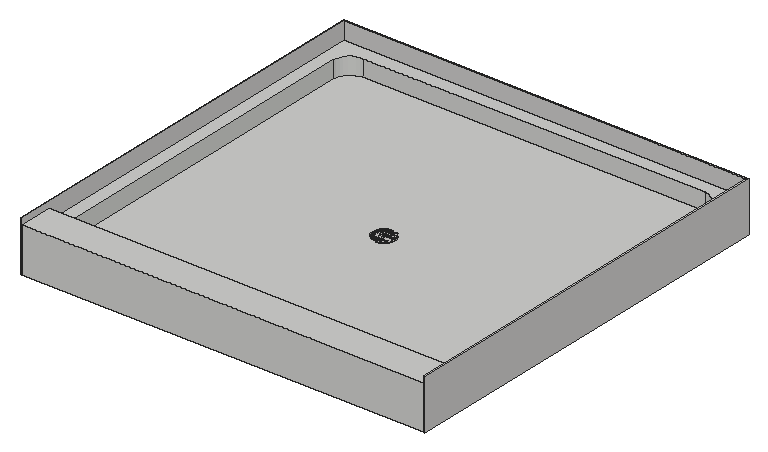
Revit family "Shower_Base-Acorn-TerrazzoWare-SBS-36-3F new", category Plumbing Fixtures, Revit 2019
Family settings
  Round Connector Dimension = Use Diameter
  Part Type = Normal
  OmniClass Number = 23.45.05.14.17
  OmniClass Title = Showers
  Work Plane-Based = Yes
  Always vertical = No
  Cut with Voids When Loaded = No
  Shared = Yes
  Room Calculation Point = No
Parameters (values of type "SBS-36-3F")
  Width = Length  # 36"
  Waste Connection Radius = Waste Connection Diameter / 2  # 1"
  Waste Connection Diameter = 2"  # constant formula
  Waste Connection = yes
  Warranty Information = "1 year limited warranty"  # constant formula
  WFU = 4  # constant formula
  Vent Connection = no
  VRS - Vandal Resistant Strainer = no
  URL = "https://www.acorneng.com/home"
  Type Comments = ""
  Tiling Flange Material = Stainless Steel-Acorn-Galvanized
  Product Page URL = "https://www.acorneng.com/terrazzo-shower-base-sbs-36-3f"
  Product Documentation Link = "https://www.acorneng.com/uploads/fileLibrary/sbs.pdf"
  OC - Optional Colors (contact factory) = no
  Model = "SBS-36-3F"
  Manufacturer = "Acorn Engineering"  # constant formula
  Length = 36"
  KDG2 - Rubber Drain Gasket for 2" Waste Pipe = no
  Installation Type = "Floor Mounted"  # constant formula
  Height = 4"
  HWFU = 0  # constant formula
  HW Connection = no
  Flange Height = 1 1/2"
  Description = "36\" x 36\" Terrazzo Shower Base, 3-Flange"
  Default Elevation = 0"
  Creation Date = "10/18/2023"  # constant formula
  Compressive Strength = "3,000 PSI min."  # constant formula
  CWFU = 0  # constant formula
  CW Connection = no
  Body Material = Portland_Cement-Acorn-Terrazzo
  Assembly Code = "D2010700"
Reference planes (in)
  plane 1 "Center (Front/Back)": y = 0
  plane 2: z = 0
  plane 3 "Center (Left/Right)": x = 0
  plane 4: x = -18
  plane 5: x = 18
  plane 6: y = 18
  plane 7: y = -18
  plane 8: z = 4
  plane 9: z = 3
  plane 10: z = 4.5
  plane 11: x = -16.75
  plane 12: y = 16.75
  plane 13: x = 16.75
  plane 14: z = -0.5
  plane 15: z = 1.5
  plane 16: y = -15
Forms (in)
  Extrusion 1, solid, material "Portland_Cement-Acorn-Terrazzo" <- "Body Material"
    sketch origin (0, 0, 0) x (0, 1, 0) y (0, 0, 1)
      loop
        line (-18, 0) -> (18, 0) -> (18, 3) -> (-15, 3) -> (-15, 4) -> (-18, 4) -> (-18, 0)
    from -18 to 18
  Extrusion 2, void
    sketch origin (0, 0, 0) x (1, 0, 0) y (0, 1, 0)
      loop
        arc (-15.25, 16.75) -> (-16.31066, 16.31066) -> (-16.75, 15.25) r 1.5
        line (-16.75, 15.25) -> (-16.75, -13.5)
        arc (-16.75, -13.5) -> (-16.31066, -14.56066) -> (-15.25, -15) r 1.5
        line (-15.25, -15) -> (15.25, -15)
        arc (15.25, -15) -> (16.31066, -14.56066) -> (16.75, -13.5) r 1.5
        line (16.75, -13.5) -> (16.75, 15.25)
        arc (16.75, 15.25) -> (16.31066, 16.31066) -> (15.25, 16.75) r 1.5
        line (15.25, 16.75) -> (-15.25, 16.75)
    from 1.5 to 4
  Extrusion 3, solid, material "Stainless Steel-Acorn-Galvanized" <- "Tiling Flange Material"
    sketch origin (0, 0, 0) x (1, 0, 0) y (0, 1, 0)
      loop
        line (-18, -18) -> (-18, 18) -> (18, 18) -> (18, -18) -> (18.10156, -18) -> (18.10156, 18.10156) -> (-18.10156, 18.10156) -> (-18.10156, -18) -> (-18, -18)
    from 0 to 4.5
  Extrusion 4, void
    sketch origin (0, 0, 0) x (1, 0, 0) y (0, 1, 0)
      loop
        circle (0, 0) r 1
    from 0 to 4
  Extrusion 5, solid, material "Stainless Steel-Acorn-Galvanized" <- "Tiling Flange Material"
    sketch origin (0, 0, 0) x (1, 0, 0) y (0, 1, 0)
      loop
        circle (0, 0) r 1
      loop
        arc (-0.8438, 0.07818) -> (-0.92198, 0) -> (-0.8438, -0.07818) r 0.07818
        line (-0.8438, -0.07818) -> (-0.11768, -0.07818)
        arc (-0.11768, -0.07818) -> (-0.0395, 0) -> (-0.11768, 0.07818) r 0.07818
        line (-0.11768, 0.07818) -> (-0.8438, 0.07818)
      loop
        line (0.8438, 0.07818) -> (0.11768, 0.07818)
        arc (0.11768, 0.07818) -> (0.0395, 0) -> (0.11768, -0.07818) r 0.07818
        line (0.11768, -0.07818) -> (0.8438, -0.07818)
        arc (0.8438, -0.07818) -> (0.92198, 0) -> (0.8438, 0.07818) r 0.07818
      loop
        arc (-0.78039, 0.33101) -> (-0.85856, 0.25284) -> (-0.78039, 0.17466) r 0.07818
        line (-0.78039, 0.17466) -> (-0.10896, 0.17466)
        arc (-0.10896, 0.17466) -> (-0.03078, 0.25284) -> (-0.10896, 0.33101) r 0.07818
        line (-0.10896, 0.33101) -> (-0.78039, 0.33101)
      loop
        arc (-0.63976, 0.58385) -> (-0.71794, 0.50567) -> (-0.63976, 0.42749) r 0.07818
        line (-0.63976, 0.42749) -> (-0.11677, 0.42749)
        arc (-0.11677, 0.42749) -> (-0.03859, 0.50567) -> (-0.11677, 0.58385) r 0.07818
        line (-0.11677, 0.58385) -> (-0.63976, 0.58385)
      loop
        arc (-0.37414, 0.83668) -> (-0.45231, 0.75851) -> (-0.37414, 0.68033) r 0.07818
        line (-0.37414, 0.68033) -> (0.36761, 0.68033)
        arc (0.36761, 0.68033) -> (0.44578, 0.75851) -> (0.36761, 0.83668) r 0.07818
        line (0.36761, 0.83668) -> (-0.37414, 0.83668)
      loop
        line (0.78039, 0.33101) -> (0.10896, 0.33101)
        arc (0.10896, 0.33101) -> (0.03078, 0.25284) -> (0.10896, 0.17466) r 0.07818
        line (0.10896, 0.17466) -> (0.78039, 0.17466)
        arc (0.78039, 0.17466) -> (0.85856, 0.25284) -> (0.78039, 0.33101) r 0.07818
      loop
        line (0.63976, 0.58385) -> (0.11677, 0.58385)
        arc (0.11677, 0.58385) -> (0.03859, 0.50567) -> (0.11677, 0.42749) r 0.07818
        line (0.11677, 0.42749) -> (0.63976, 0.42749)
        arc (0.63976, 0.42749) -> (0.71794, 0.50567) -> (0.63976, 0.58385) r 0.07818
      loop
        line (-0.78039, -0.33101) -> (-0.10896, -0.33101)
        arc (-0.10896, -0.33101) -> (-0.03078, -0.25284) -> (-0.10896, -0.17466) r 0.07818
        line (-0.10896, -0.17466) -> (-0.78039, -0.17466)
        arc (-0.78039, -0.17466) -> (-0.85856, -0.25284) -> (-0.78039, -0.33101) r 0.07818
      loop
        line (-0.63976, -0.58385) -> (-0.11677, -0.58385)
        arc (-0.11677, -0.58385) -> (-0.03859, -0.50567) -> (-0.11677, -0.42749) r 0.07818
        line (-0.11677, -0.42749) -> (-0.63976, -0.42749)
        arc (-0.63976, -0.42749) -> (-0.71794, -0.50567) -> (-0.63976, -0.58385) r 0.07818
      loop
        line (-0.37414, -0.83668) -> (0.36761, -0.83668)
        arc (0.36761, -0.83668) -> (0.44578, -0.75851) -> (0.36761, -0.68033) r 0.07818
        line (0.36761, -0.68033) -> (-0.37414, -0.68033)
        arc (-0.37414, -0.68033) -> (-0.45231, -0.75851) -> (-0.37414, -0.83668) r 0.07818
      loop
        arc (0.78039, -0.33101) -> (0.85856, -0.25284) -> (0.78039, -0.17466) r 0.07818
        line (0.78039, -0.17466) -> (0.10896, -0.17466)
        arc (0.10896, -0.17466) -> (0.03078, -0.25284) -> (0.10896, -0.33101) r 0.07818
        line (0.10896, -0.33101) -> (0.78039, -0.33101)
      loop
        arc (0.63976, -0.58385) -> (0.71794, -0.50567) -> (0.63976, -0.42749) r 0.07818
        line (0.63976, -0.42749) -> (0.11677, -0.42749)
        arc (0.11677, -0.42749) -> (0.03859, -0.50567) -> (0.11677, -0.58385) r 0.07818
        line (0.11677, -0.58385) -> (0.63976, -0.58385)
    from -0.5 to 1.5
Cuts and joins
  Extrusion 2, Extrusion 4 cuts Extrusion 1
Lines and regions (in)
  Masking region 1
    outline origin (0, 0, 0) x (1, 0, 0) y (0, 1, 0)
      loop
        line (18.10156, 18.10156) -> (-18.10156, 18.10156) -> (-18.10156, -18) -> (18.10156, -18) -> (18.10156, 18.10156)
  symbolic lines, detail levels medium+fine
    curve 1: line (-16.75, 15.25, 0) -> (-16.75, -13.5, 0)
    curve 2: line (15.25, 16.75, 0) -> (-15.25, 16.75, 0)
    curve 3: line (16.75, -13.5, 0) -> (16.75, 15.25, 0)
    curve 4: line (18, -15, 0) -> (-18, -15, 0)
    curve 5: line (-18, -18, 0) -> (-18, 18, 0)
    curve 6: line (-18, 18, 0) -> (18, 18, 0)
    curve 7: line (18, 18, 0) -> (18, -18, 0)
    curve 8: arc (15.25, -15, 0) -> (16.31066, -14.56066, 0) -> (16.75, -13.5, 0) r 1.5
    curve 9: arc (-16.75, -13.5, 0) -> (-16.31066, -14.56066, 0) -> (-15.25, -15, 0) r 1.5
    curve 10: arc (-15.25, 16.75, 0) -> (-16.31066, 16.31066, 0) -> (-16.75, 15.25, 0) r 1.5
    curve 11: arc (16.75, 15.25, 0) -> (16.31066, 16.31066, 0) -> (15.25, 16.75, 0) r 1.5
    curve 12: circle (0, 0, 0) r 1 normal (0, 0, 1)
  symbolic lines, detail levels fine
    curve 13: line (0.36761, 0.68033, 0) -> (-0.37414, 0.68033, 0)
    curve 14: arc (-0.37414, 0.68033, 0) -> (-0.45231, 0.75851, 0) -> (-0.37414, 0.83668, 0) r 0.07818
    curve 15: line (-0.37414, 0.83668, 0) -> (0.36761, 0.83668, 0)
    curve 16: arc (0.36761, 0.83668, 0) -> (0.44578, 0.75851, 0) -> (0.36761, 0.68033, 0) r 0.07818
    curve 17: line (-0.63976, 0.58385, 0) -> (-0.11677, 0.58385, 0)
    curve 18: arc (-0.11677, 0.58385, 0) -> (-0.03859, 0.50567, 0) -> (-0.11677, 0.42749, 0) r 0.07818
    curve 19: line (-0.11677, 0.42749, 0) -> (-0.63976, 0.42749, 0)
    curve 20: arc (-0.63976, 0.42749, 0) -> (-0.71794, 0.50567, 0) -> (-0.63976, 0.58385, 0) r 0.07818
    curve 21: arc (0.11677, 0.42749, 0) -> (0.03859, 0.50567, 0) -> (0.11677, 0.58385, 0) r 0.07818
    curve 22: line (0.11677, 0.58385, 0) -> (0.63976, 0.58385, 0)
    curve 23: arc (0.63976, 0.58385, 0) -> (0.71794, 0.50567, 0) -> (0.63976, 0.42749, 0) r 0.07818
    curve 24: line (0.63976, 0.42749, 0) -> (0.11677, 0.42749, 0)
    curve 25: line (-0.78039, 0.33101, 0) -> (-0.10896, 0.33101, 0)
    curve 26: arc (-0.10896, 0.33101, 0) -> (-0.03078, 0.25284, 0) -> (-0.10896, 0.17466, 0) r 0.07818
    curve 27: line (-0.10896, 0.17466, 0) -> (-0.78039, 0.17466, 0)
    curve 28: arc (-0.78039, 0.17466, 0) -> (-0.85856, 0.25284, 0) -> (-0.78039, 0.33101, 0) r 0.07818
    curve 29: line (0.10896, 0.33101, 0) -> (0.78039, 0.33101, 0)
    curve 30: arc (0.78039, 0.33101, 0) -> (0.85856, 0.25284, 0) -> (0.78039, 0.17466, 0) r 0.07818
    curve 31: line (0.78039, 0.17466, 0) -> (0.10896, 0.17466, 0)
    curve 32: arc (0.10896, 0.17466, 0) -> (0.03078, 0.25284, 0) -> (0.10896, 0.33101, 0) r 0.07818
    curve 33: line (-0.8438, 0.07818, 0) -> (-0.11768, 0.07818, 0)
    curve 34: arc (-0.11768, 0.07818, 0) -> (-0.0395, 0, 0) -> (-0.11768, -0.07818, 0) r 0.07818
    curve 35: line (-0.11768, -0.07818, 0) -> (-0.8438, -0.07818, 0)
    curve 36: arc (-0.8438, -0.07818, 0) -> (-0.92198, 0, 0) -> (-0.8438, 0.07818, 0) r 0.07818
    curve 37: line (0.11768, 0.07818, 0) -> (0.8438, 0.07818, 0)
    curve 38: arc (0.8438, 0.07818, 0) -> (0.92198, 0, 0) -> (0.8438, -0.07818, 0) r 0.07818
    curve 39: line (0.8438, -0.07818, 0) -> (0.11768, -0.07818, 0)
    curve 40: arc (0.11768, -0.07818, 0) -> (0.0395, 0, 0) -> (0.11768, 0.07818, 0) r 0.07818
    curve 41: line (-0.78039, -0.17466, 0) -> (-0.10896, -0.17466, 0)
    curve 42: arc (-0.10896, -0.17466, 0) -> (-0.03078, -0.25284, 0) -> (-0.10896, -0.33101, 0) r 0.07818
    curve 43: line (-0.10896, -0.33101, 0) -> (-0.78039, -0.33101, 0)
    curve 44: arc (-0.78039, -0.33101, 0) -> (-0.85856, -0.25284, 0) -> (-0.78039, -0.17466, 0) r 0.07818
    curve 45: line (0.10896, -0.17466, 0) -> (0.78039, -0.17466, 0)
    curve 46: arc (0.78039, -0.17466, 0) -> (0.85856, -0.25284, 0) -> (0.78039, -0.33101, 0) r 0.07818
    curve 47: line (0.78039, -0.33101, 0) -> (0.10896, -0.33101, 0)
    curve 48: arc (0.10896, -0.33101, 0) -> (0.03078, -0.25284, 0) -> (0.10896, -0.17466, 0) r 0.07818
    curve 49: line (-0.63976, -0.42749, 0) -> (-0.11677, -0.42749, 0)
    curve 50: arc (-0.11677, -0.42749, 0) -> (-0.03859, -0.50567, 0) -> (-0.11677, -0.58385, 0) r 0.07818
    curve 51: line (-0.11677, -0.58385, 0) -> (-0.63976, -0.58385, 0)
    curve 52: arc (-0.63976, -0.58385, 0) -> (-0.71794, -0.50567, 0) -> (-0.63976, -0.42749, 0) r 0.07818
    curve 53: line (0.11677, -0.42749, 0) -> (0.63976, -0.42749, 0)
    curve 54: arc (0.63976, -0.42749, 0) -> (0.71794, -0.50567, 0) -> (0.63976, -0.58385, 0) r 0.07818
    curve 55: line (0.63976, -0.58385, 0) -> (0.11677, -0.58385, 0)
    curve 56: arc (0.11677, -0.58385, 0) -> (0.03859, -0.50567, 0) -> (0.11677, -0.42749, 0) r 0.07818
    curve 57: line (-0.37414, -0.68033, 0) -> (0.36761, -0.68033, 0)
    curve 58: arc (0.36761, -0.68033, 0) -> (0.44578, -0.75851, 0) -> (0.36761, -0.83668, 0) r 0.07818
    curve 59: line (0.36761, -0.83668, 0) -> (-0.37414, -0.83668, 0)
    curve 60: arc (-0.37414, -0.83668, 0) -> (-0.45231, -0.75851, 0) -> (-0.37414, -0.68033, 0) r 0.07818
Dimensions and locks (in)
  equal spacing: plane 6, plane 1 "Center (Front/Back)", plane 7
  equal spacing: plane 4, plane 3 "Center (Left/Right)", plane 5
  "Length": plane 4 to plane 5
  "Width": plane 6 to plane 7
  "Height": plane 8 to level
  locked: Extrusion 3 sketch curve to cut or joined group of Extrusion 1, Extrusion 2, Extrusion 4 at 0.10156  (x2)
  locked: cut or joined group of Extrusion 1, Extrusion 2, Extrusion 4 to Extrusion 3 sketch curve at 0.10156
  locked: level to plane 14 at 0.5
  plane 15 to level = 1 1/2"
  plane 16 to plane 7 = 3"
  locked: plane 6 to plane 12 at 1.25
  locked: plane 4 to plane 11 at 1.25
  locked: plane 13 to plane 5 at 1.25
  plane 9 to level = 3"
  "Flange Height": plane 10 to plane 9
  aligned and locked: Extrusion 1 to plane 5
  aligned and locked: Extrusion 1 to plane 4
  aligned and locked: Extrusion 2 sketch curve to plane 12
  aligned and locked: plane 11 to Extrusion 2 sketch curve
  aligned and locked: Extrusion 1 to Extrusion 2 sketch curve
  aligned and locked: Extrusion 2 sketch curve to plane 13
  aligned and locked: plane 8 to Extrusion 2
  aligned and locked: plane 7 to Extrusion 1 sketch curve
  aligned and locked: level to Extrusion 1 sketch curve
  aligned and locked: plane 6 to Extrusion 1 sketch curve
  aligned and locked: plane 9 to Extrusion 1 sketch curve
  aligned and locked: plane 5 to Extrusion 3 sketch curve
  aligned and locked: Extrusion 3 sketch curve to plane 6
  aligned and locked: plane 4 to Extrusion 3 sketch curve
  aligned and locked: plane 7 to Extrusion 3 sketch curve  (x2)
  aligned and locked: plane 10 to Extrusion 3
  aligned and locked: plane 8 to Extrusion 4
  aligned and locked: Extrusion 4 to level
  aligned and locked: Extrusion 5 sketch curve to cut or joined group of Extrusion 1, Extrusion 2, Extrusion 4
  aligned and locked: Extrusion 5 to cut or joined group of Extrusion 1, Extrusion 2, Extrusion 4
  aligned and locked: Extrusion 5 to plane 14
  aligned and locked: Extrusion 2 to plane 15
  aligned and locked: Masking region 1 sketch curve to Extrusion 3  (x3)
  aligned and locked: Masking region 1 sketch curve to cut or joined group of Extrusion 1, Extrusion 2, Extrusion 4
  aligned and locked: curve 5 to Extrusion 3
  aligned and locked: curve 6 to Extrusion 3
  aligned and locked: curve 7 to Extrusion 3
  aligned and locked: curve 8 to cut or joined group of Extrusion 1, Extrusion 2, Extrusion 4
  aligned and locked: curve 9 to cut or joined group of Extrusion 1, Extrusion 2, Extrusion 4
  aligned and locked: curve 10 to cut or joined group of Extrusion 1, Extrusion 2, Extrusion 4
  aligned and locked: curve 11 to cut or joined group of Extrusion 1, Extrusion 2, Extrusion 4
  aligned and locked: curve 12 to Extrusion 5
  aligned and locked: curve 14 to Extrusion 5
  aligned and locked: curve 16 to Extrusion 5
  aligned and locked: curve 18 to Extrusion 5
  aligned and locked: curve 20 to Extrusion 5
  aligned and locked: curve 21 to Extrusion 5
  aligned and locked: curve 23 to Extrusion 5
  aligned and locked: curve 26 to Extrusion 5
  aligned and locked: curve 28 to Extrusion 5
  aligned and locked: curve 30 to Extrusion 5
  aligned and locked: curve 32 to Extrusion 5
  aligned and locked: curve 34 to Extrusion 5
  aligned and locked: curve 36 to Extrusion 5
  aligned and locked: curve 38 to Extrusion 5
  aligned and locked: curve 40 to Extrusion 5
  aligned and locked: curve 42 to Extrusion 5
  aligned and locked: curve 44 to Extrusion 5
  aligned and locked: curve 46 to Extrusion 5
  aligned and locked: curve 48 to Extrusion 5
  aligned and locked: curve 50 to Extrusion 5
  aligned and locked: curve 52 to Extrusion 5
  aligned and locked: curve 54 to Extrusion 5
  aligned and locked: curve 56 to Extrusion 5
  aligned and locked: curve 58 to Extrusion 5
  aligned and locked: curve 60 to Extrusion 5
Automatic sketch dimensions
  Extrusion 1 sketch curve to plane 8 = 0"
  plane 7 to Extrusion 1 sketch curve = 3"
  Extrusion 2 sketch curve to Extrusion 2 sketch curve = 1 1/2"  (x2)
  Extrusion 2 sketch curve to plane 13 = 1 1/2"  (x2)
  plane 1 "Center (Front/Back)" to Extrusion 4 sketch curve = 0"
  Extrusion 4 sketch curve to plane 3 "Center (Left/Right)" = 0"
  plane 1 "Center (Front/Back)" to Extrusion 5 sketch curve = 0"  (x2)
  Extrusion 5 sketch curve to plane 3 "Center (Left/Right)" = 0.10896"  (x2)
  Extrusion 5 sketch curve to plane 3 "Center (Left/Right)" = 0.11677"  (x2)
  Extrusion 5 sketch curve to Extrusion 5 sketch curve = 0.00873"  (x2)
  Extrusion 5 sketch curve to Extrusion 5 sketch curve = 0.25737"  (x2)
  Extrusion 5 sketch curve to Extrusion 5 sketch curve = 17/64"  (x2)
  Extrusion 5 sketch curve to Extrusion 5 sketch curve = 9/64"  (x4)
  Extrusion 5 sketch curve to Extrusion 5 sketch curve = 0.06341"  (x2)
  plane 3 "Center (Left/Right)" to Extrusion 5 sketch curve = 0.10896"  (x2)
  plane 3 "Center (Left/Right)" to Extrusion 5 sketch curve = 0.11677"  (x2)
  Extrusion 5 sketch curve to Extrusion 5 sketch curve = 0.25084"  (x2)
  Extrusion 5 sketch curve to Extrusion 5 sketch curve = 0.27215"  (x2)
  plane 1 "Center (Front/Back)" to Extrusion 5 sketch curve = 0.07818"  (x2)
  Extrusion 5 sketch curve to Extrusion 5 sketch curve = 0.09648"  (x10)
  Extrusion 5 sketch curve to Extrusion 5 sketch curve = 0.07818"  (x10)
  curve 7 to plane 7 = 0"
  curve 5 to plane 7 = 0"
  radius of Extrusion 4 sketch curve = 1"
Connectors (in)
  piping at (0, 0, -0.5), diameter 2, driven by "Waste Connection Diameter", driven by "WFU"
    settings: on Extrusion 5, index 2, connector inside diameter 24", connector length 0", flow factor 0, pipe flow 0 GPM, pressure drop 0.00 psi, fitting loss kfactor 0, connector angle 0.00°, fixture units 4, engagement length 0", angle of deflection 0.00°, flow configuration 3, flow direction 2, fitting loss method 0, system type 16, joint type 0, gender type 0, connector reference index -1, connector utility 0, adjustable connector no, is connector primary yes, connector description "2\" OD Waste Connection Outlet"
